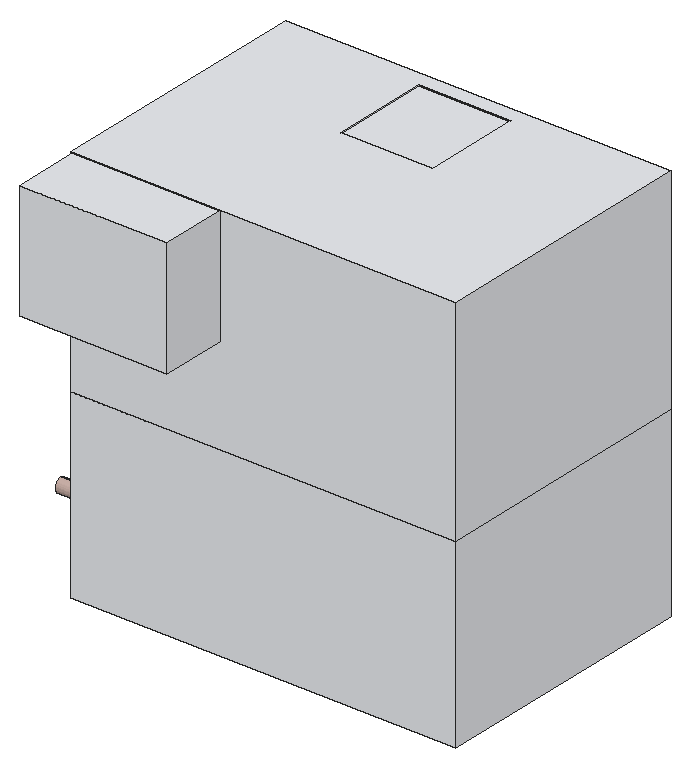
Revit family "cAssembly-Unico-M_Series-Vertical-Blower+Hot_Water_Coil-Up-Flow", category Mechanical Equipment, Revit 2020
Family settings
  Round Connector Dimension = Use Diameter
  Classification = None
  Part Type = Normal
  OmniClass Number = 23.75.70.00
  OmniClass Title = HVAC Distribution Devices
  Work Plane-Based = No
  Always vertical = Yes
  Cut with Voids When Loaded = No
  Shared = No
  Room Calculation Point = No
Parameters (values of type "M2430")
  Water Outlet Diameter = size_lookup(C LUT Heating, "WCD", 1", Constraints)  # 7/8"
  Water Inlet Diameter = size_lookup(C LUT Heating, "WCD", 1", Constraints)  # 7/8"
  Warranty URL = "https://www.unicosystem.com/wp-content/uploads/2022/08/Bulletin-10-010.pdf"
  Voltage [instance] = 208 V
  Video Link = "https://www.youtube.com/watch?v=aUAUzyZZRxY&themeRefresh=1"
  Version = "2020 - v1.0a"  # constant formula
  URL = "https://www.unicosystem.com/"
  Support Phone [instance] = "(224) 699-9545"  # constant formula
  Support Email [instance] = "support@bimsmith.com"
  Return Width = size_lookup(C LUT Heating, "CW", 1", Constraints)  # 23"
  Return Height = size_lookup(C LUT Heating, "CH", 1", Constraints)  # 15.6"
  Product Page URL = "https://shop.unicosystem.com/indoor-units/modular-blowers"
  Product Documentation Link = ""
  Power Factor = 1  # constant formula
  Performance URL = "https://www.unicosystem.com/literature-media/"
  Optional Condensate Trap [instance] = 1 = 0  # no
  Number of Poles = 1  # constant formula
  Model = size_lookup(C LUT Blower, "Model", "N/A", Constraints)  # "M2430"
  Manufacturer Phone Number = "314-481-9000"  # constant formula
  Manufacturer Fax Number = "314-457-9000"  # constant formula
  Manufacturer Email = "https://www.unicosystem.com/customer-%20support/"
  Manufacturer Address = "1120 Intagliata Drive Arnold, MO 63010"  # constant formula
  Manufacturer = "Unico, Inc."  # constant formula
  Load Classification = HVAC
  Keynote = "23 30 00"
  Instruction Sheet Link = "https://www.unicosystem.com/wp-content/uploads/2024/01/Bulletin-30-020.pdf"
  Frequency = 60 Hz  # constant formula
  Finish = Metal - Unico - Silver
  Drain Connection Diameter = size_lookup(C LUT Heating, "DD", 1", Constraints)  # 3/4"
  Description = "Blower Module"  # constant formula
  Default Elevation = 0"
  Copyright = "© 2022 The Unico System. All rights reserved."  # constant formula
  Heating Module Width = size_lookup(C LUT Heating, "Width", 1", Constraints)  # 12"
  Heating Module Length = size_lookup(C LUT Heating, "Length", 1", Constraints)  # 25"
  Heating Module Height = size_lookup(C LUT Heating, "Height", 1", Constraints)  # 17 1/2"
  Constraints = 2
  C VC Mid Depth = Blower Height / 2  # 8 3/4"
  C LUT VDC = "Size-VDC"  # constant formula
  C LUT VC = "Size-VC"  # constant formula
  C LUT Return = "Size-RC"  # constant formula
  C LUT RM = "Size-RM"  # constant formula
  C LUT Heating = "Size-HM"  # constant formula
  C LUT Blower = "Size-Unico"  # constant formula
  C Drain Pan = 0"  # constant formula
  Blower Width = size_lookup(C LUT Blower, "Width", 1", Constraints)  # 13.93"
  Blower Length = size_lookup(C LUT Blower, "Length", 1", Constraints)  # 25"
  Blower Height = size_lookup(C LUT Blower, "Height", 1", Constraints)  # 17 1/2"
  Blower Connection Width = size_lookup(C LUT Blower, "Outlet Width", 1", Constraints)  # 6"
  Blower Connection Height = size_lookup(C LUT Blower, "Outlet Height", 1", Constraints)  # 6.38"
  Assembly Code = "D3040100"
  Apparent Load = 208 VA
  Alternate Control Box Location = 1 = 0  # no
Types (5): name | Return Width | Model | Heating Module Length | Constraints | Blower Width | Blower Length | Blower Connection Width
  (no name) | 23" | "M2430" | 25" | 2 | 13.93" | 25" | 6"
  M2430 | 23" | "M2430" | 25" | 2 | 13.93" | 25" | 6"
  M3036 | 28" | "M3036" | 30" | 3 | 13.91" | 30" | 7.24"
  M3642 | 36" | "M3642" | 38" | 4 | 13.93" | 38" | 7.16"
  M4860 | 36" | "M4860" | 38" | 5 | 13.91" | 38" | 9.92"
Reference planes (in)
  plane 1 "Center (Front/Back)": y = 0
  plane 2: z = 0
  plane 3 "Center (Left/Right)": x = 0
  plane 4: z = 12
Dimensions and locks (in)
  "Heating Module Width": plane 4 to plane 2
  aligned and locked: plane 2 to level
  aligned and locked: plane 1 "Center (Front/Back)" to nested 1
  aligned and locked: plane 3 "Center (Left/Right)" to nested 1
  aligned and locked: nested 1 to level
  aligned and locked: nested 2 to plane 3 "Center (Left/Right)"
  aligned and locked: plane 1 "Center (Front/Back)" to nested 2
  aligned and locked: nested 2 to plane 4
Nested families (in)
  nested 1: "Nested - Hot Coil" at (-12.5, 8.75, 12) x (0, 0, -1) z (0, -1, 0), type "Default"
    with Connector no
  nested 2: "Nested - Geo" at (0, 8.75, 18.965) x (0, 0, -1) z (0, -1, 0), type "Default"
Connectors (in)
  hvac at (0, 0, 0), driven by "Return Width", driven by "Return Height"
    settings: on nested 1, index 2, duct flow 0 CFM, flow factor 0, pres drop 0.00 in-wg, loss coef 0, conn angle 0.00°, conn width 15.6", conn height 23", conn diameter 24", duct sys type 2, conn prof type 1, flow config 0, flow direction 1, loss method 0, conn ref index -1, conn util no, is conn primary yes, conn desc "Return Connection"
  piping at (-15.3, -6.05, 4.4), diameter 0.875, driven by "Water Inlet Diameter"
    settings: on nested 1, index 3, connector inside diameter 24", connector length 0", flow factor 0, pipe flow 0 GPM, pressure drop 0.00 psi, fitting loss kfactor 0, connector angle 0.00°, fixture units 0, engagement length 0", angle of deflection 0.00°, flow configuration 0, flow direction 2, fitting loss method 0, system type 22, joint type 0, gender type 0, connector reference index -1, connector utility 0, adjustable connector no, is connector primary yes, connector description "Coil Connection"
  piping at (-15.3, 6.25, 7.6), diameter 0.875, driven by "Water Inlet Diameter"
    settings: on nested 1, index 4, connector inside diameter 24", connector length 0", flow factor 0, pipe flow 0 GPM, pressure drop 0.00 psi, fitting loss kfactor 0, connector angle 0.00°, fixture units 0, engagement length 0", angle of deflection 0.00°, flow configuration 0, flow direction 1, fitting loss method 0, system type 22, joint type 0, gender type 0, connector reference index -1, connector utility 0, adjustable connector no, is connector primary no, connector description "Coil Connection"
  hvac at (-0.07, 4.56, 25.87), driven by "Blower Connection Width", driven by "Blower Connection Height"
    settings: on nested 2, index 5, duct flow 0 CFM, flow factor 0, pres drop 0.00 in-wg, loss coef 0, conn angle 0.00°, conn width 6.38", conn height 6", conn diameter 24", duct sys type 1, conn prof type 1, flow config 0, flow direction 2, loss method 0, conn ref index -1, conn util no, is conn primary no, conn desc "Supply Connection"
Definition of nested family "Nested - Hot Coil"
  Parameters (values of type "Default")
    Width = size_lookup("Size-HM", "Width", 3/4", Constraint)  # 12"
    Water Out Side = size_lookup("Size-HM", "WOS", 3/4", Constraint)  # 4.4"
    Water In Side = size_lookup("Size-HM", "WIS", 3/4", Constraint)  # 4.4"
    Water Height Up = size_lookup("Size-HM", "WHU", 3/4", Constraint)  # 2.7"
    Water Height = size_lookup("Size-HM", "WH", 3/4", Constraint)  # 2 1/2"
    Water Connection Length = size_lookup("Size-HM", "WL", 3/4", Constraint)  # 2.8"
    Water Connection Diameter Up = size_lookup("Size-HM", "WCU", 3/4", Constraint)  # 3/8"
    Water Connection Diameter = size_lookup("Size-HM", "WCD", 3/4", Constraint)  # 7/8"
    Spacer = if(Constraint = 5, 6", 0")  # 0"
    Side Thickness = 1"  # constant formula
    Length = size_lookup("Size-HM", "Length", 3/4", Constraint)  # 25"
    Height = size_lookup("Size-HM", "Height", 3/4", Constraint)  # 17 1/2"
    Finish = none
    Drain Side = size_lookup("Size-HM", "DS", 3/4", Constraint)  # 4.47"
    Drain Length = size_lookup("Size-HM", "DL", 3/4", Constraint)  # 1"
    Drain Height = size_lookup("Size-HM", "DH", 3/4", Constraint)  # 2.9"
    Drain Diameter = size_lookup("Size-HM", "DD", 3/4", Constraint)  # 3/4"
    Default Elevation = 0"
    Constraint = 2
    Connector [instance] = yes
    Connection Width = size_lookup("Size-HM", "CW", 3/4", Constraint)  # 23"
    Connection Height = size_lookup("Size-HM", "CH", 3/4", Constraint)  # 15.6"
  Reference planes (in)
    plane 1 "Center (Front/Back)": y = 0
    plane 2: z = 0
    plane 3 "Center (Left/Right)": x = 0
    plane 4: y = 25
    plane 5: x = 12
    plane 6: z = 17.5
    plane 7: x = 4.4
    plane 8: x = 7.6
    plane 9: y = -2.8
    plane 10: y = -1
    plane 11: y = 12.5
    plane 12: z = 2.5
    plane 13: z = 14.8
    plane 14: z = 8.75
  Forms (in)
    Extrusion 1, solid, material <- "Finish"
      sketch origin (0, 0, 0) x (1, 0, 0) y (0, 1, 0)
        loop
          line (12, 25) -> (0, 25) -> (0, 0) -> (12, 0) -> (12, 25)
      from 0 to 17.5
    Extrusion 2, solid
      sketch origin (0, 0, 0) x (1, 0, 0) y (0, 0, 1)
        loop
          circle (7.6, 14.8) r 0.4375
        loop
          circle (4.4, 2.5) r 0.4375
      from 0 to 2.8
    Extrusion 3, void
      sketch origin (12, 29.29303, 48) x (0, 1, 0) y (0, 0, 1)
        loop
          line (-5.29303, -31.45) -> (-28.29303, -31.45) -> (-28.29303, -47.05) -> (-5.29303, -47.05) -> (-5.29303, -31.45)
      from 0 to -0.10156
    Extrusion 4, solid, material <- "Finish", visible <- "Connector"
      sketch origin (11.89844, 29.29303, 48) x (0, 1, 0) y (0, 0, 1)
        loop
          circle (-16.79303, -39.25) r 1.25
      from 0 to 0.10156
  Cuts and joins
    Extrusion 3 cuts Extrusion 1
  Dimensions and locks (in)
    plane 6 to plane 2 = 17 1/2"
    "Width": plane 3 "Center (Left/Right)" to plane 5
    "Length": plane 1 "Center (Front/Back)" to plane 4
    "Height": plane 6 to plane 2
    "Drain Length": plane 1 "Center (Front/Back)" to plane 10
    "Water Connection Length": plane 1 "Center (Front/Back)" to plane 9
    equal spacing: plane 1 "Center (Front/Back)", plane 11, plane 4
    plane 3 "Center (Left/Right)" to plane 5 = 12"
    plane 6 to level = 17 1/2"  (x3)
    "Water Height": plane 12 to plane 2
    "Water In Side": plane 5 to plane 8
    "Water Height Up": plane 6 to plane 13
    "Water Out Side": plane 7 to plane 3 "Center (Left/Right)"
    equal spacing: plane 6, plane 14, level
    equal spacing: Extrusion 3 sketch curve, plane 11, Extrusion 3 sketch curve
    equal spacing: Extrusion 3 sketch curve, plane 14, Extrusion 3 sketch curve
    "Connection Width": Extrusion 3 sketch curve to Extrusion 3 sketch curve
    "Connection Height": Extrusion 3 sketch curve to Extrusion 3 sketch curve
    "Water Connection Diameter": diameter of Extrusion 2 sketch curve  (x2)
    aligned and locked: plane 2 to level
    aligned and locked: plane 4 to Extrusion 1 sketch curve
    aligned and locked: plane 5 to Extrusion 1 sketch curve
    aligned and locked: plane 1 "Center (Front/Back)" to Extrusion 1 sketch curve
    aligned and locked: Extrusion 1 sketch curve to plane 3 "Center (Left/Right)"
    aligned and locked: plane 6 to Extrusion 1
    aligned and locked: plane 9 to Extrusion 2
    aligned and locked: plane 13 to Extrusion 2 sketch curve
    aligned and locked: plane 7 to Extrusion 2 sketch curve
    aligned and locked: plane 8 to Extrusion 2 sketch curve
    aligned and locked: plane 11 to Extrusion 4 sketch curve
    aligned and locked: plane 14 to Extrusion 4 sketch curve
  Automatic sketch dimensions
    Extrusion 2 sketch curve to plane 12 = 0"
    radius of Extrusion 4 sketch curve = 1 1/4"
Definition of nested family "Nested - Geo"
  Parameters (values of type "Default")
    Width = size_lookup("Size-Unico", "Width", 1", Constraints)  # 13.93"
    Top CB = not(Front CB)  # yes
    Side Thickness = 1/8"  # constant formula
    Side CB = and(not(Constraints = 1), Alternate Location)  # no
    Length = size_lookup("Size-Unico", "Length", 1", Constraints)  # 25"
    Inlet Width = Length - 2 * Inlet Frame  # 23"
    Inlet Height = Height - 2 * Inlet Frame  # 15 1/2"
    Inlet Frame = 1"  # constant formula
    Height = size_lookup("Size-Unico", "Height", 1", Constraints)  # 17 1/2"
    Front CB = Constraints = 1  # no
    Finish = none
    Default Elevation = 48"
    Constraints = 2
    CB Width = size_lookup("Size-Unico", "CB Width", 1", Constraints)  # 7.62"
    CB Side Offset = Side Thickness  # 1/8"
    CB Length = size_lookup("Size-Unico", "CB Length", 1", Constraints)  # 9.58"
    CB Height Offset = if(Constraints = 1, 1", Side Thickness)  # 1/8"
    CB Height = size_lookup("Size-Unico", "CB Height", 1", Constraints)  # 4.29"
    CB Front Offset = if(Constraints = 1, Width / 2, Side Thickness + CB Width / 2)  # 3.935"
    Blower Width = size_lookup("Size-Unico", "Outlet Width", 1", Constraints)  # 6"
    Blower Side Offset = size_lookup("Size-Unico", "Blower Side Offset", 1", Constraints)  # 9.43"
    Blower Height = size_lookup("Size-Unico", "Outlet Height", 1", Constraints)  # 6.38"
    Blower Bottom Offset = size_lookup("Size-Unico", "Blower Bottom Offset", 1", Constraints)  # 1"
    Back CB = and(Constraints = 1, Alternate Location)  # no
    Alternate Location = no
  Reference planes (in)
    plane 1 "Center (Front/Back)": y = 0
    plane 2: z = 0
    plane 3 "Center (Left/Right)": x = 0
    plane 4: y = 12.5
    plane 5: x = 6.965
    plane 6: y = -12.5
    plane 7: x = -6.965
    plane 8: z = 17.5
    plane 9: x = 6.84
    plane 10: x = -6.84
    plane 11: y = -12.375
    plane 12: y = 12.375
    plane 13: z = 17.375
    plane 14: z = 0.125
    plane 15: z = 1.44
    plane 16: z = 8.75
  Forms (in)
    Extrusion 1, solid, material <- "Finish"
      sketch origin (0, 0, 0) x (1, 0, 0) y (0, 1, 0)
        loop
          line (-6.965, 12.5) -> (-6.965, -12.5) -> (6.965, -12.5) -> (6.965, 12.5) -> (-6.965, 12.5)
      from 0 to 0.125
    Extrusion 2, solid, material <- "Finish"
      sketch origin (0, 0, 0) x (1, 0, 0) y (0, 1, 0)
        loop
          line (-6.965, 12.5) -> (-6.965, -12.5) -> (6.965, -12.5) -> (6.965, 12.5) -> (-6.965, 12.5)
      from 17.375 to 17.5
    Extrusion 3, solid, material <- "Finish"
      sketch origin (0, 0, 0) x (1, 0, 0) y (0, 1, 0)
        loop
          line (-6.84, 12.375) -> (-6.84, -12.375) -> (6.84, -12.375) -> (6.84, 12.375) -> (-6.84, 12.375)
        loop
          line (6.965, -12.5) -> (6.965, 12.5) -> (-6.965, 12.5) -> (-6.965, -12.5) -> (6.965, -12.5)
      from 0.125 to 17.375
    Extrusion 4, void
      sketch origin (6.965, 30.98764, 48) x (0, 1, 0) y (0, 0, 1)
        loop
          line (-42.48764, -31.5) -> (-42.48764, -47) -> (-19.48764, -47) -> (-19.48764, -31.5) -> (-42.48764, -31.5)
      from 0 to -0.0625
    Extrusion 5, void
      sketch origin (-6.965, 30.98764, 48) x (0, 1, 0) y (0, 0, 1)
        loop
          line (-28.05764, -47) -> (-28.05764, -40.62) -> (-34.05764, -40.62) -> (-34.05764, -47) -> (-28.05764, -47)
      from 0 to 0.06
  Cuts and joins
    Extrusion 5 cuts Extrusion 1
    Extrusion 4, Extrusion 5 cuts Extrusion 2
    Extrusion 4, Extrusion 5 cuts Extrusion 3
    joined: Extrusion 1, Extrusion 2, Extrusion 3
  Lines and regions (in)
    reference lines
      curve 1: line (0, -17.84438, 16.5) -> (0, 18.65958, 16.5)
      curve 2: line (0, 11.5, 21.4046) -> (0, 11.5, -3.99247)
      curve 3: line (0, -17.84438, 1) -> (0, 16.65958, 1)
      curve 4: line (0, -11.5, 20.85454) -> (0, -11.5, -3.99247)
      curve 5: line (0, -3.07, 21.62212) -> (0, -3.07, -1.77495)
      curve 6: line (0, 2.93, 22.64366) -> (0, 2.93, -2.25341)
      curve 7: line (0, 18.79175, 7.38) -> (0, -24.46221, 7.38)
      curve 8: line (0, 19.69542, 1) -> (0, -23.30855, 1)
      curve 9: line (-3.03, 21.56055, 0) -> (-3.03, -25.94341, 0)
      curve 10: line (-3.09044, 0, 34.43161) -> (-3.09044, 0, -4.46546)
      curve 11: line (-18.109, -12.375, 0) -> (19.65049, -12.375, 0)
      curve 12: line (-23.26251, 0, 17.375) -> (13.74697, 0, 17.375)
  Dimensions and locks (in)
    equal spacing: plane 7, plane 3 "Center (Left/Right)", plane 5
    equal spacing: plane 4, plane 1 "Center (Front/Back)", plane 6
    "Width": plane 7 to plane 5
    "Length": plane 6 to plane 4
    "Height": plane 8 to level
    "Side Thickness": plane 4 to plane 12
    "Side Thickness": plane 6 to plane 11
    "Side Thickness": plane 9 to plane 5
    "Side Thickness": plane 7 to plane 10
    "Side Thickness": plane 14 to level
    "Side Thickness": plane 8 to plane 13
    "Inlet Frame": plane 6 to curve 4
    "Inlet Frame": curve 3 to level
    "Inlet Height": curve 3 to curve 1
    "Inlet Width": curve 4 to curve 2
    "Blower Bottom Offset": curve 8 to level
    "Blower Height": curve 8 to curve 7
    "Blower Side Offset": curve 5 to plane 6
    "Blower Width": curve 6 to curve 5
    "CB Front Offset": plane 7 to curve 9
    "CB Side Offset": plane 6 to curve 11
    "CB Height Offset": plane 8 to curve 12
    locked: plane 15 to curve 11 at 1.44
    equal spacing: plane 8, plane 16, level
    aligned and locked: plane 2 to level
    aligned and locked: Extrusion 1 sketch curve to plane 4
    aligned and locked: plane 7 to Extrusion 1 sketch curve
    aligned and locked: Extrusion 1 sketch curve to plane 6
    aligned and locked: Extrusion 1 sketch curve to plane 5
    aligned and locked: Extrusion 1 to level
    aligned and locked: plane 14 to Extrusion 1
    aligned and locked: Extrusion 2 sketch curve to plane 4
    aligned and locked: plane 7 to Extrusion 2 sketch curve
    aligned and locked: Extrusion 2 sketch curve to plane 6
    aligned and locked: Extrusion 2 sketch curve to plane 5
    aligned and locked: plane 8 to Extrusion 2
    aligned and locked: Extrusion 2 to plane 13
    aligned and locked: Extrusion 3 sketch curve to plane 12
    aligned and locked: plane 10 to Extrusion 3 sketch curve
    aligned and locked: plane 11 to Extrusion 3 sketch curve
    aligned and locked: Extrusion 3 sketch curve to plane 9
    aligned and locked: Extrusion 3 sketch curve to plane 6
    aligned and locked: Extrusion 3 sketch curve to plane 5
    aligned and locked: Extrusion 3 sketch curve to plane 4
    aligned and locked: plane 7 to Extrusion 3 sketch curve
    aligned and locked: Extrusion 3 to plane 14
    aligned and locked: plane 13 to Extrusion 3
    aligned and locked: curve 1 to Extrusion 4 sketch curve
    aligned and locked: Extrusion 4 sketch curve to curve 4
    aligned and locked: Extrusion 4 sketch curve to curve 3
    aligned and locked: curve 2 to Extrusion 4 sketch curve
    aligned and locked: curve 8 to Extrusion 5 sketch curve
    aligned and locked: curve 6 to Extrusion 5 sketch curve
    aligned and locked: Extrusion 5 sketch curve to curve 7
    aligned and locked: Extrusion 5 sketch curve to curve 5
    aligned and locked: curve 11 to nested 1
    aligned and locked: plane 7 to nested 1
    aligned and locked: plane 15 to nested 2
    aligned and locked: nested 2 to plane 3 "Center (Left/Right)"
  Automatic sketch dimensions
    plane 6 to curve 3 = 5.34438"
    plane 6 to curve 1 = 5.34438"
    curve 8 to curve 3 = 5.46416"
    curve 7 to curve 8 = 1.15367"
    plane 4 to curve 3 = 4.15958"
    plane 4 to curve 1 = 6.15958"
    plane 4 to curve 7 = 6.29175"
    curve 3 to curve 8 = 3.03584"
    curve 5 to level = 1.77495"
    curve 6 to level = 2.25341"
    curve 4 to level = 3.99247"
    curve 2 to level = 3.99247"
    plane 8 to curve 4 = 3.35454"
    plane 8 to curve 2 = 3.9046"
    plane 8 to curve 5 = 4.12212"
    plane 8 to curve 6 = 5.14366"
    curve 11 to plane 7 = 11.144"
    plane 5 to curve 11 = 12.68549"
    plane 6 to curve 9 = 13.44341"
    plane 4 to curve 9 = 9.06055"
    curve 12 to plane 7 = 16.29751"
    curve 10 to plane 3 "Center (Left/Right)" = 3.09044"
    plane 5 to curve 12 = 6.78197"
    curve 10 to level = 4.46546"
    plane 8 to curve 10 = 16.93161"
  Nested families (in)
    nested 1: "Nested - CB" at (-6.965, -12.375, 17.5), visible <- "Top CB", type "Default"
      with Width 7.62", Length 9.58", Height 4.29"
    nested 2: "Nested - CB" at (4.79, -12.5, 1.44) x (0, 0, 1) z (0, -1, 0), visible <- "Front CB", type "Default"
      with Width 7.62", Length 9.58", Height 4.29"
  Definition of nested family "Nested - CB"
    Parameters (values of type "Family2")
      Width = 8.75314"
      Length = 10.69303"
      Height = 6.06043"
      Finish = none
      Default Elevation = 48"
    Reference planes (in)
      plane 1 "Center (Front/Back)": y = 0
      plane 2: z = 0
      plane 3 "Center (Left/Right)": x = 0
      plane 4: y = 10.69303
      plane 5: x = 8.75314
      plane 6: z = 6.06043
      plane 7: x = 4.37657
      plane 8: y = 5.34651
    Forms (in)
      Extrusion 1, solid, material <- "Finish"
        sketch origin (0, 0, 0) x (1, 0, 0) y (0, 1, 0)
          loop
            line (0, 0) -> (8.75314, 0) -> (8.75314, 10.69303) -> (0, 10.69303) -> (0, 0)
        from 0 to 6.06043
    Dimensions and locks (in)
      "Length": plane 1 "Center (Front/Back)" to plane 4
      "Width": plane 3 "Center (Left/Right)" to plane 5
      "Height": plane 6 to level
      equal spacing: plane 3 "Center (Left/Right)", plane 7, plane 5
      equal spacing: plane 1 "Center (Front/Back)", plane 8, plane 4
      aligned and locked: plane 2 to level
      aligned and locked: plane 1 "Center (Front/Back)" to Extrusion 1 sketch curve
      aligned and locked: Extrusion 1 sketch curve to plane 3 "Center (Left/Right)"
      aligned and locked: plane 4 to Extrusion 1 sketch curve
      aligned and locked: plane 5 to Extrusion 1 sketch curve
      aligned and locked: plane 6 to Extrusion 1
